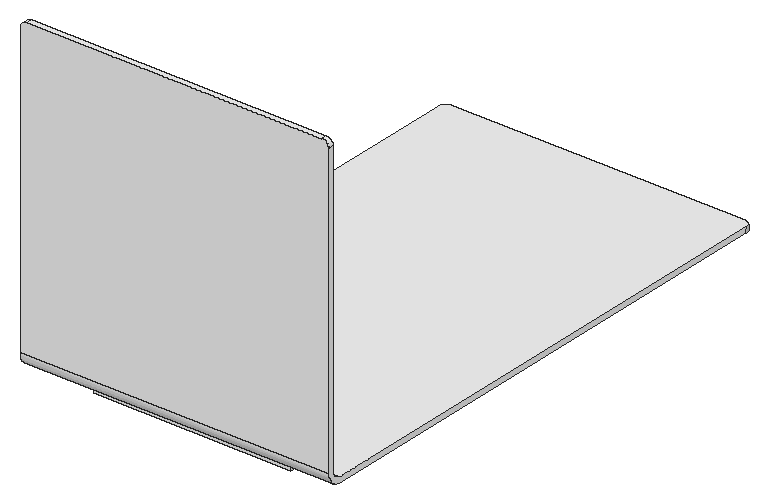
Revit family "Magnuson-Baldas-Shelf_S-1", category Furniture, host Face, Revit 2014
Parameters (values of type "BALDAS-S")
  Width = 7 1/8"
  URL = "www.magnusongroup.com"
  Type Comments = "Baldas"  # constant formula
  Support Finish = MAG - Aluminum Withe
  Shelve Finish = MAG - Aluminum Withe
  Salvage or Reuse = yes
  Percentage of Recycled Content = 0
  Model = "BALDAS-S"
  Manufacturer = "MAGNUSON"  # constant formula
  Low Emitting Material = yes
  Low Emitting Finish = yes
  Keynote = "12500"
  Height = 12 1/4"
  Description = "Wall Mounted Shelf Comes with 1 Wall Mounting Bracket"
  Depth = 7 1/2"
  Default Elevation = 48"
  Assembly Code = "E2020200"
Reference planes (in)
  plane 1 "Center (Front/Back)": y = 0
  plane 2: z = 0
  plane 3 "Center (Left/Right)": x = 0
  plane 4: y = -6.125
  plane 5: y = 6.125
  plane 6: x = 3.5625
  plane 7: x = -3.5625
  plane 8: z = 7.5
  plane 9: z = 0.29527
Forms (in)
  Extrusion 1, solid, material "MAG - Aluminum Withe" <- "Shelve Finish"
    sketch origin (0, 0, 0) x (0, 1, 0) y (0, 0, 1)
      loop
        line (5.8063, 0.29527) -> (5.8063, 0.42027) -> (-5.8125, 0.42027)
        arc (-5.8125, 0.42027) -> (-5.94508, 0.47519) -> (-6, 0.60777) r 0.1875
        line (-6, 0.60777) -> (-6, 6.66544) -> (-6.125, 6.66544) -> (-6.125, 0.60777)
        arc (-6.125, 0.60777) -> (-6.03347, 0.3868) -> (-5.8125, 0.29527) r 0.3125
        line (-5.8125, 0.29527) -> (5.8063, 0.29527)
    from -3.5625 to 3.5625
  Extrusion 2, solid, material "MAG - Aluminum Withe" <- "Shelve Finish"
    sketch origin (0, 0, 0) x (1, 0, 0) y (0, 1, 0)
      loop
        arc (-3.375, 6.125) -> (-3.50758, 6.07008) -> (-3.5625, 5.9375) r 0.1875
        line (-3.5625, 5.9375) -> (-3.5625, 5.8063) -> (3.5625, 5.8063) -> (3.5625, 5.9375)
        arc (3.5625, 5.9375) -> (3.50758, 6.07008) -> (3.375, 6.125) r 0.1875
        line (3.375, 6.125) -> (-3.375, 6.125)
    from 0.29527 to 0.42027
  Extrusion 3, solid, material "MAG - Aluminum Withe" <- "Shelve Finish"
    sketch origin (0, 0, 0) x (1, 0, 0) y (0, 0, 1)
      loop
        arc (-3.40457, 7.5) -> (-3.51624, 7.45374) -> (-3.5625, 7.34207) r 0.15793
        line (-3.5625, 7.34207) -> (-3.5625, 6.66544) -> (3.5625, 6.66544) -> (3.5625, 7.34375)
        arc (3.5625, 7.34375) -> (3.51674, 7.45424) -> (3.40625, 7.5) r 0.15625
        line (3.40625, 7.5) -> (-3.40457, 7.5)
    from 6 to 6.125
  Extrusion 4, solid, material "MAG - Aluminum Withe" <- "Support Finish"
    sketch origin (0, 0, 0) x (1, 0, 0) y (0, 1, 0)
      loop
        line (-2.28346, -1.57778) -> (-2.28346, -5.61321) -> (2.28346, -5.61321) -> (2.28346, -1.57778) -> (-2.28346, -1.57778)
    from 0 to 0.29527
Cuts and joins
  joined: Extrusion 1, Extrusion 2, Extrusion 3
Lines and regions (in)
  symbolic lines
    curve 1: line (3.5625, 0, 0.29527) -> (3.5625, 0, 7.34375)
    curve 2: arc (3.5625, 0, 7.34375) -> (3.51674, 0, 7.45424) -> (3.40625, 0, 7.5) r 0.15625
    curve 3: line (3.40625, 0, 7.5) -> (-3.40457, 0, 7.5)
    curve 4: arc (-3.40457, 0, 7.5) -> (-3.51624, 0, 7.45374) -> (-3.5625, 0, 7.34207) r 0.15793
    curve 5: line (-3.5625, 0, 7.34207) -> (-3.5625, 0, 0.29527)
    curve 6: line (-3.5625, 0, 0.29527) -> (3.5625, 0, 0.29527)
    curve 7: line (3.5625, 0, 0.42027) -> (-3.5625, 0, 0.42027)
    curve 8: line (2.28346, 0, 0) -> (2.28346, 0, 0.29527)
    curve 9: line (-2.28346, 0, 0.29527) -> (-2.28346, 0, 0)
    curve 10: line (2.28346, 0, 0) -> (-2.28346, 0, 0)
Dimensions and locks (in)
  equal spacing: plane 7, plane 3 "Center (Left/Right)", plane 6
  "Width": plane 7 to plane 6
  "Height": plane 5 to plane 4
  equal spacing: plane 5, plane 1 "Center (Front/Back)", plane 4
  "Depth": plane 8 to host face
  aligned and locked: plane 2 to host face
  aligned and locked: level to host face
  aligned and locked: plane 7 to Extrusion 1
  aligned and locked: Extrusion 1 to plane 6
  aligned and locked: curve 1 to cut or joined group of Extrusion 1, Extrusion 2, Extrusion 3
  aligned and locked: curve 2 to cut or joined group of Extrusion 1, Extrusion 2, Extrusion 3
  aligned and locked: curve 4 to cut or joined group of Extrusion 1, Extrusion 2, Extrusion 3
  aligned and locked: curve 6 to cut or joined group of Extrusion 1, Extrusion 2, Extrusion 3
  aligned and locked: curve 7 to cut or joined group of Extrusion 1, Extrusion 2, Extrusion 3
  aligned and locked: Extrusion 4 to plane 2
  aligned and locked: plane 9 to Extrusion 4
  aligned and locked: curve 8 to Extrusion 4
  aligned and locked: curve 9 to Extrusion 4
  aligned and locked: curve 10 to Extrusion 4
Automatic sketch dimensions
  host sketch curve to host sketch curve = 16.82355"
  host sketch curve to host sketch curve = 31.38944"
  Extrusion 1 sketch curve to Extrusion 1 sketch curve = 0"  (x2)
  Extrusion 1 sketch curve to plane 4 = 0"
  Extrusion 1 sketch curve to plane 9 = 0"
  plane 4 to Extrusion 1 sketch curve = 1/8"
  Extrusion 1 sketch curve to Extrusion 1 sketch curve = 3/16"
  Extrusion 1 sketch curve to plane 5 = 0.3187"
  Extrusion 1 sketch curve to plane 8 = 0.83456"
  Extrusion 2 sketch curve to plane 7 = 0"
  Extrusion 2 sketch curve to plane 5 = 0"
  Extrusion 2 sketch curve to plane 6 = 0"
  Extrusion 2 sketch curve to plane 7 = 3/16"
  Extrusion 2 sketch curve to Extrusion 2 sketch curve = 3/16"
  Extrusion 2 sketch curve to Extrusion 2 sketch curve = 0.1312"
  plane 7 to Extrusion 3 sketch curve = 0"
  Extrusion 3 sketch curve to plane 8 = 0"
  plane 6 to Extrusion 3 sketch curve = 0"
  Extrusion 3 sketch curve to plane 7 = 0.15793"
  plane 6 to Extrusion 3 sketch curve = 5/32"
  Extrusion 3 sketch curve to Extrusion 3 sketch curve = 0.67831"
  plane 4 to Extrusion 4 sketch curve = 0.51179"
  plane 6 to Extrusion 4 sketch curve = 5.84596"
  Extrusion 4 sketch curve to Extrusion 4 sketch curve = 4.56692"
  Extrusion 4 sketch curve to Extrusion 4 sketch curve = 4.03542"
